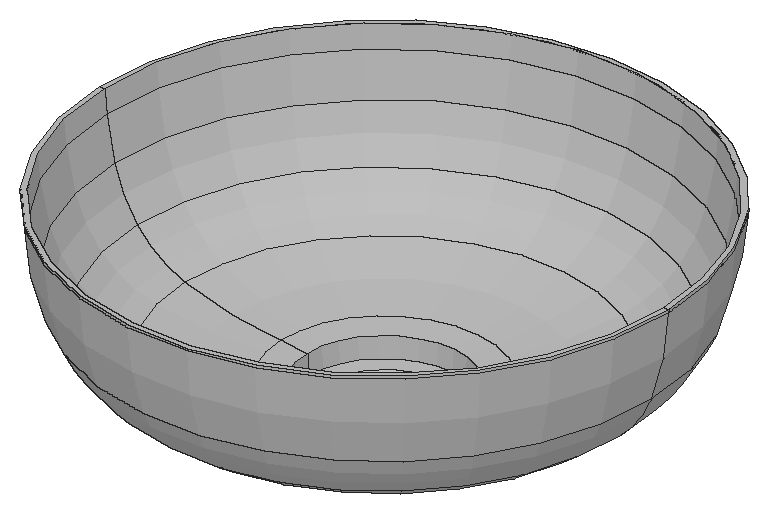
Revit family "911406003001(architecture=300)", category Plumbing Fixtures, Revit 2019
Family settings
  OmniClass Number = 23.31.13.11
  Work Plane-Based = No
  Always vertical = Yes
  Cut with Voids When Loaded = No
  Shared = Yes
  Room Calculation Point = No
Parameters (values of type "911406003001(architecture=300)")
  ifc40_IFC4_IFCFURNISHINGELEMENT = "IFC4_IFCFURNISHINGELEMENT"
  etim7_EC011550_WERKSTOFF = "enamelled steel (EV000166)"
  etim7_EC011550_TIEFE = "310"
  etim7_EC011550_HÖHE = "120"
  etim7_EC011550_FORM = "round Bowl (EV000167)"
  etim7_EC011550_FARBE = "alpine white (EV000202)"
  etim7_EC011550_BREITE/DURCHMESSER = "310"
  etim7_EC011550 = "EC011550"
  SUPPLIER = "KALDEWEI"
  S = "EC011550"
  R = "RVT_METRICPLUMBINGFIXTURE"
  Q = "23-31-13-11"
  P = "Wash Basin Systems"
  O = "SS-35-65-70-94"
  NT = "MIENA wash bowl 3193"
  NN = "911406003001"
  NBSYN = "$A.($LODDEST.=$LODLEVEL.)"
  NB = "911406003001(architecture=300)"
  N = "IfcSanitaryTerminalType"
  Model = "911406003001(architecture=300)"
  Manufacturer = "Kaldewei"
  MIdent = "{$CADENAS_DATA/23d-libs/kaldewei_internal/neue_waschtische/3193.prj},222 {VTYP=3D},{NB=911406003001(architecture=300)},{LINA=911406003001(architecture=300)},{NN=911406003001},{DATE=13.12.2023 14:20:57},{GEOMDATE=13.12.2023 14:10:58},{VERSION=},{LINEID=10},{WBVAR=LODDEST,LODLEVEL},{WBNUMERIC=}  {NB=911406003001(architecture=300)},{LINA=911406003001(architecture=300)},{KT=DUMMY},{LODDEST=architecture},{LODLEVEL=300},{LODLEVELX='300','300','200','200'},{A=911406003001},{B=3193.png},{C=MIENA wash bowl 3193},{D=3.7},{E=KALDEWEI},{F=4055761329446},{H=WEB info},{I=PDF info},{J=all countrys},{K=ISO 14025, EN 15804},{L=30},{M=Furnishing Element},{N=IfcSanitaryTerminalType},{O=SS-35-65-70-94},{P=Wash Basin Systems},{Q=23-31-13-11},{R=RVT_METRICPLUMBINGFIXTURE},{S=EC011550},{EF002169=enamelled steel (EV000166)},{EF000139=Enamelled (EV002029)},{EF000051=round Bowl (EV000167)},{EF000007=alpine white (EV000202)},{EF000003=post top (EV003651)},{EF000049=310},{EF004567=310},{EF000040=120},{NORM=CE certificate},{WEB=NO WEB},{PDF=leistungserkla__rungbw-dw-wt-0216.pdf}"
  M = "Furnishing Element"
  LODLEVEL = "300"
  LINA = "911406003001(architecture=300)"
  F = "4055761329446"
  EF004567 = 310 mm
  EF002169 = "enamelled steel (EV000166)"
  EF000139 = "Enamelled (EV002029)"
  EF000051 = "round Bowl (EV000167)"
  EF000049 = 310 mm
  EF000040 = 120 mm
  EF000007 = "alpine white (EV000202)"
  EF000003 = "post top (EV003651)"
  E = "KALDEWEI"
  Description = "MIENA wash bowl 3193"
  D = 3.70 kg
  CREATOR = "CADENAS GmbH"
  CATALOG = "Kaldewei"
  C = "MIENA wash bowl 3193"
  BOMINFO = "LINA"
  B = "3193.png"
  ARTICLENO = "NB"
  A = "911406003001"
Reference planes
  plane 1 "Center (Front/Back)": y = 0
  plane 2: z = 0
  plane 3 "Center (Left/Right)": x = 0
Forms (mm)
  Extrusion 1, void
    sketch origin (0, 0, 0) x (0, -1, 0) y (-1, 0, 0)
      loop
        line (-0.5, 0.5) -> (-0.5, -0.5) -> (0.5, -0.5) -> (0.5, 0.5) -> (-0.5, 0.5)
    from 0 to 1
Dimensions and locks
  locked: Extrusion 1 to plane 2 at 1
  locked: plane 2 to Extrusion 1
  aligned and locked: level to plane 2
Nested families
  nested 1: "911406003001(architecture=300)_content" at (0, 0, 0), type "911406003001(architecture=300)_Content"
Connectors
  piping at (0, 0, 0), diameter 46
    settings: on Extrusion 1, index 1, connector inside diameter 609.6 mm, connector length 0 mm, flow factor 0, pipe flow 0.0 L/s, pressure drop 0.0 Pa, fitting loss kfactor 0, connector angle 0.00°, fixture units 0, engagement length 0 mm, angle of deflection 0.00°, flow configuration 0, flow direction 2, fitting loss method 2, system type 29, joint type 0, gender type 0, connector reference index -1, connector utility 0, adjustable connector no, is connector primary yes, connector description ""
Definition of nested family "911406003001(architecture=300)_content"
  Parameters (values of type "911406003001(architecture=300)_Content")
    ifc40_IFC4_IFCFURNISHINGELEMENT = "IFC4_IFCFURNISHINGELEMENT"
    etim7_EC011550_WERKSTOFF = "enamelled steel (EV000166)"
    etim7_EC011550_TIEFE = "310"
    etim7_EC011550_HÖHE = "120"
    etim7_EC011550_FORM = "round Bowl (EV000167)"
    etim7_EC011550_FARBE = "alpine white (EV000202)"
    etim7_EC011550_BREITE/DURCHMESSER = "310"
    etim7_EC011550 = "EC011550"
    SUPPLIER = "KALDEWEI"
    S = "EC011550"
    R = "RVT_METRICPLUMBINGFIXTURE"
    Q = "23-31-13-11"
    P = "Wash Basin Systems"
    O = "SS-35-65-70-94"
    NT = "MIENA wash bowl 3193"
    NN = "911406003001"
    NBSYN = "$A.($LODDEST.=$LODLEVEL.)"
    NB = "911406003001(architecture=300)"
    N = "IfcSanitaryTerminalType"
    Model = "911406003001(architecture=300)"
    Manufacturer = "Kaldewei"
    M = "Furnishing Element"
    LODLEVEL = "300"
    LINA = "911406003001(architecture=300)"
    F = "4055761329446"
    EF004567 = 310 mm
    EF002169 = "enamelled steel (EV000166)"
    EF000139 = "Enamelled (EV002029)"
    EF000051 = "round Bowl (EV000167)"
    EF000049 = 310 mm
    EF000040 = 120 mm
    EF000007 = "alpine white (EV000202)"
    EF000003 = "post top (EV003651)"
    E = "KALDEWEI"
    Description = "MIENA wash bowl 3193"
    Default Elevation = 1219.2 mm
    D = 3.70 kg
    CREATOR = "CADENAS GmbH"
    CATALOG = "Kaldewei"
    C = "MIENA wash bowl 3193"
    BOMINFO = "LINA"
    B = "3193.png"
    ARTICLENO = "NB"
    A = "911406003001"
  Reference planes
    plane 1 "Center (Front/Back)": y = 0
    plane 2: z = 0
    plane 3 "Center (Left/Right)": x = 0
  Forms (mm)
    Revolve 1, solid, detail levels medium+fine
      sketch origin (0, 0, 0) x (1, 0, 0) y (0, 0, -1)
        loop
          line (23, 0) -> (23, -2.761) -> (25.003, -2.761) -> (26.108, -3.625) -> (32.483, -10.444) -> (41.23, -11.12) -> (41.862, -21.995) -> (56.569, -23.272)
          arc (56.569, -23.272) -> (82.827, -26.528) -> (108.392, -33.347) r 192.877
          arc (108.392, -33.347) -> (122.811, -40.882) -> (134.571, -52.125) r 58.012
          arc (134.571, -52.125) -> (142.042, -64.455) -> (146.96, -78.008) r 73.418
          arc (146.96, -78.008) -> (149.518, -89.142) -> (151.195, -100.442) r 145.711
          line (151.195, -100.442) -> (152.274, -112.478) -> (154.913, -112.478) -> (154.913, -111.128)
          arc (154.913, -111.128) -> (152.182, -87.997) -> (145.702, -65.624) r 141.856
          arc (145.702, -65.624) -> (138.901, -53.024) -> (129.392, -42.319) r 62.028
          arc (129.392, -42.319) -> (113.453, -32.264) -> (95.541, -26.407) r 76.565
          arc (95.541, -26.407) -> (70.128, -21.928) -> (44.434, -19.547) r 314.613
          line (44.434, -19.547) -> (43.946, -8.5) -> (33.77, -7.788) -> (26.502, 0) -> (23, 0)
        axis (0, -112.478) -> (0, 0)
      angle from -360 to 0
    Extrusion 2, solid, detail levels coarse
      sketch origin (0, 0, 0) x (1, 0, 0) y (0, 1, 0)
        loop
          line (-154.913, -154.913) -> (154.913, -154.913) -> (154.913, 154.913) -> (-154.913, 154.913) -> (-154.913, -154.913)
      from 0 to 112.478
  Dimensions and locks
    aligned and locked: level to plane 2
